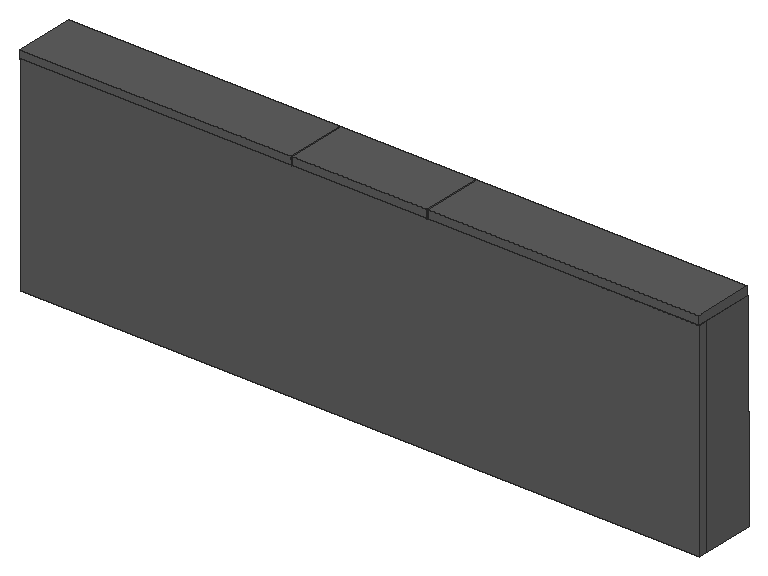
Revit family "WashbasinUnit-150cm-Right-Vitra-OriginSeries-65692+65693+65694", category Furniture Systems, host Face, Revit 2017
Family settings
  Host = Face
  Round Connector Dimension = Use Diameter
  Part Type = Normal
  OmniClass Number = 23.40.00.00
  OmniClass Title = Equipment and Furnishings
  Cut with Voids When Loaded = No
  Shared = Yes
  Room Calculation Point = No
Parameters (values of type "WashbasinUnit-Vitra-OriginSeries-150cm-Right_65692")
  Youtube = "https://www.youtube.com/user/VitrAglobal"
  Weight Net (kg) = ""
  Warranty Period (Year) = "2"
  Uniformat II Description = "FURNISHINGS"
  Uniformat II Code = "E20"
  Uniclass 2015 Name = "Wash basins, sinks and troughs"
  Uniclass 2015 Code = "Pr_40_20_93"
  Uniclass 2.0 Description = "Bathroom Cabinets"
  Uniclass 2.0 Code = "PR-35-75-08"
  Uniclass 1.4 Description = "Bathroom Cabinets"
  Uniclass 1.4 Code = "L8241"
  URL = "https://vitraglobal.com/"
  UNSPSC Description = "Bathroom Cabinets"
  UNSPSC Code = "301815"
  Technical description = "https://www.vitraglobal.com/pdf/65692/"
  Tap hole Options (default) = ""
  Specification = ""
  Secondary Material = MattWhite
  Region South America = "All"
  Region Oceania = "All"
  Region North America = "All"
  Region Middle East = "All"
  Region Europe = "All"
  Region Asia = "All"
  Region Antarctica = "All"
  Region Africa = "All"
  Product url = "https://www.vitraglobal.com/bathroom-furniture/counters/storage-tables/origin-counter-with-drawer-sku-65692/"
  Product manual = ""
  Product group = "Washbasin Unit"
  Product family = "Origin"
  Product data url = "https://www.bimobject.com/vitra-bathrooms/product/65692-65693-65694"
  Product certification = "https://www.vitraglobal.com/brochures/"
  Product SKU = "65692"
  Product Guid = "https://www.vitraglobal.com/uyeIslem/fileDownload.aspx?udkEnc=jknA0+Tbm/Hm4TOyUwN+8y2DmbYZpN3DgWVixSaqpUl8lHcyJ4riURwxWsHd8AcBDazUBka7BIJo6TEQ9OYqmQ==&lang=en-US"
  Primary Material = Patterned Black Oak
  OmniClass Description = "Bathroom Cabinets"
  OmniClass Code = "23-31 25 13"
  Nominal Width (mm) = 1500 mm
  Nominal Height (mm) = 135 mm
  Nominal Depth (mm) = 480 mm
  NBS Referans Description = "Bathroom Cabinets"
  NBS Referans Code = "35-75-08"
  Mounting type = "Wall-Hung"
  Masterformat 2014 Description = "Bathroom Unit Modules"
  Masterformat 2014 Code = "13 42 13"
  Manufacturer name = "VitrA"
  Manufacturer = "VitrA"
  Main Material = "Wood"
  Installation instructions = "https://www.vitraglobal.com/uyeIslem/fileDownload.aspx?udkEnc=YT1cocbwVf1nhQ2jtuzVLRf+lQtiPzEc0mZ6gFoRvuzyYprAYoFjRTn2tIH66LmL1a1Jq37ROE+33uM/PE7myg==&lang=en-US"
  IFC Classification = "Furniture"
  EAN code = ""
  Design country = "Turkey"
  Description = "Origin Washbasin Unit, 150 cm"
  Default Elevation = 660 mm
  Color = "Matt White/Dore Oak"
  COBIe Type Category = ""
  Brand = "VitrA"
  BIMobject category = "Bathroom compound units"
  Article No. (default) = "65692"
  Accessories (default) = ""
Types (3, lengths in mm): name | Technical description | Product url | Product data url | Product SKU | Primary Material | Color | Article No. (default)
  WashbasinUnit-Vitra-OriginSeries-150cm-Right_65694 | "https://www.vitraglobal.com/pdf/65694/" | "" | "https://www.vitraglobal.com/bathroom-furniture/counters/storage-tables/origin-counter-with-drawer-sku-65694/" | "65694" | Natural Oak | "Flat Oak" | "65694"
  WashbasinUnit-Vitra-OriginSeries-150cm-Right_65693 | "https://www.vitraglobal.com/pdf/65693/" | "" | "https://www.vitraglobal.com/bathroom-furniture/counters/storage-tables/origin-counter-with-drawer-sku-65693/" | "65693" | Elm | "Elm" | "65693"
  WashbasinUnit-Vitra-OriginSeries-150cm-Right_65692 | "https://www.vitraglobal.com/pdf/65692/" | "https://www.vitraglobal.com/bathroom-furniture/counters/storage-tables/origin-counter-with-drawer-sku-65692/" | "https://www.bimobject.com/vitra-bathrooms/product/65692-65693-65694" | "65692" | Patterned Black Oak | "Matt White/Dore Oak" | "65692"
Reference planes
  plane 1 "Center (Front/Back)": y = 0
  plane 2: z = 0
  plane 3 "Center (Left/Right)": x = -8.77
  plane 4: x = 454.576
  plane 5: x = -1045.424
  plane 6: y = 0.372
  plane 7: y = 135.372
  plane 8: z = 480
Forms (mm)
  Extrusion 1, solid, material "Patterned Black Oak" <- "Primary Material", detail levels fine
    sketch origin (-279.424, -0.624, 231.903) x (0, 0, 1) y (1, 0, 0)
      loop
        line (229.097, -766) -> (229.097, 734) -> (-228.5, 734) -> (-228.5, -766) -> (229.097, -766)
    from 0.997 to 17.997
  Extrusion 2, solid, material "Patterned Black Oak" <- "Primary Material", detail levels fine
    sketch origin (-295.424, 135.372, 232.403) x (0, 0, -1) y (1, 0, 0)
      loop
        line (229, -750) -> (229, -734) -> (-228.597, -734) -> (-228.597, -750) -> (229, -750)
      loop
        line (-228.597, 750) -> (-228.597, 734) -> (229, 734) -> (229, 750) -> (-228.597, 750)
    from 0 to 118
  Extrusion 3, solid, material "Patterned Black Oak" <- "Primary Material", detail levels fine
    sketch origin (-292.424, 133.372, 469.903) x (0, 0, -1) y (1, 0, 0)
      loop
        line (-10.097, -753) -> (8.903, -753) -> (8.903, 745) -> (-10.097, 745) -> (-10.097, -753)
    from 0 to 133
  Extrusion 4, solid, material "Patterned Black Oak" <- "Primary Material", detail levels fine
    sketch origin (-279.424, 134.372, 410.403) x (0, 0, 1) y (1, 0, 0)
      loop
        line (-49.403, -750) -> (50.597, -750) -> (50.597, 718) -> (-49.403, 718) -> (-49.403, -750)
      loop
        line (-307, 718) -> (-407, 718) -> (-407, -750) -> (-307, -750) -> (-307, 718)
    from 0 to -15.924
  Extrusion 5, solid, material "Patterned Black Oak" <- "Primary Material", detail levels fine
    sketch origin (273.479, 133.372, 469.903) x (0, 0, -1) y (1, 0, 0)
      loop
        line (-10.097, -418.903) -> (-10.097, -421.497) -> (8.903, -421.497) -> (8.903, -418.903) -> (-10.097, -418.903)
    from 0 to 133
  Extrusion 6, solid, detail levels coarse+medium
    sketch origin (0, 0, 0) x (1, 0, 0) y (0, 1, 0)
      loop
        line (454.576, 145.372) -> (-1045.424, 145.372) -> (-1045.424, 0.372) -> (454.576, 0.372) -> (454.576, 145.372)
    from 0 to 480
  Extrusion 7, void
    sketch origin (0, 0, 0) x (1, 0, 0) y (0, 1, 0)
      loop
        line (454.576, 145.372) -> (-1045.424, 145.372) -> (-1045.424, 0.372) -> (454.576, 0.372) -> (454.576, 145.372)
    from 480 to 954.713
  Extrusion 8, solid, material "Patterned Black Oak" <- "Primary Material", detail levels fine
    sketch origin (-26.521, 133.372, 469.903) x (0, 0, -1) y (1, 0, 0)
      loop
        line (-10.097, -418.903) -> (-10.097, -421.497) -> (8.903, -421.497) -> (8.903, -418.903) -> (-10.097, -418.903)
    from 0 to 133
Dimensions and locks
  "Nominal Height (mm)": plane 7 to plane 6
  plane 5 to plane 4 = 1500 mm
  "Nominal Width (mm)": plane 5 to plane 4
  "Nominal Depth (mm)": host face to plane 8
  Extrusion 7 to Extrusion 7 = 474.713 mm
  aligned and locked: plane 2 to host face
  aligned and locked: level to host face
  aligned and locked: Extrusion 2 to Extrusion 1
  aligned and locked: Extrusion 1 to Extrusion 3  (x2)
  aligned and locked: Extrusion 4 to Extrusion 2  (x2)
  aligned and locked: Extrusion 6 to Extrusion 1  (x2)
  aligned and locked: Extrusion 7 sketch curve to Extrusion 6  (x2)
  aligned and locked: Extrusion 7 to Extrusion 3
Automatic sketch dimensions
  host sketch curve to host sketch curve = 2438.4 mm  (x2)
  plane 5 to Extrusion 1 sketch curve = 0 mm
  plane 4 to Extrusion 1 sketch curve = 0 mm
  level to Extrusion 1 sketch curve = 3.403 mm
  plane 8 to Extrusion 1 sketch curve = 19 mm
  plane 5 to Extrusion 2 sketch curve = 0 mm
  plane 4 to Extrusion 2 sketch curve = 0 mm
  plane 8 to Extrusion 2 sketch curve = 19 mm  (x2)
  level to Extrusion 2 sketch curve = 3.403 mm  (x2)
  Extrusion 2 sketch curve to plane 5 = 16 mm
  Extrusion 2 sketch curve to Extrusion 2 sketch curve = 16 mm
  Extrusion 3 sketch curve to plane 8 = 0 mm
  plane 5 to Extrusion 3 sketch curve = 0 mm
  plane 4 to Extrusion 3 sketch curve = 2 mm
  plane 8 to Extrusion 3 sketch curve = 19 mm
  level to Extrusion 4 sketch curve = 3.403 mm
  plane 4 to Extrusion 4 sketch curve = 16 mm  (x2)
  Extrusion 4 sketch curve to Extrusion 4 sketch curve = 100 mm
  plane 8 to Extrusion 4 sketch curve = 119 mm
  plane 8 to Extrusion 4 sketch curve = 19 mm
  Extrusion 4 sketch curve to plane 5 = 16 mm  (x2)
  Extrusion 5 sketch curve to plane 8 = 0 mm
  plane 8 to Extrusion 5 sketch curve = 19 mm
  Extrusion 5 sketch curve to plane 3 "Center (Left/Right)" = 139.249 mm
  Extrusion 5 sketch curve to Extrusion 5 sketch curve = 2.594 mm
  Extrusion 6 sketch curve to plane 5 = 0 mm
  Extrusion 6 sketch curve to plane 4 = 0 mm
  Extrusion 6 sketch curve to plane 6 = 0 mm
  plane 7 to Extrusion 6 sketch curve = 10 mm
  Extrusion 7 sketch curve to plane 6 = 0 mm
  plane 7 to Extrusion 7 sketch curve = 10 mm
  Extrusion 8 sketch curve to plane 8 = 0 mm
  plane 8 to Extrusion 8 sketch curve = 19 mm
  Extrusion 8 sketch curve to plane 3 "Center (Left/Right)" = 439.249 mm
  Extrusion 8 sketch curve to Extrusion 8 sketch curve = 2.594 mm
